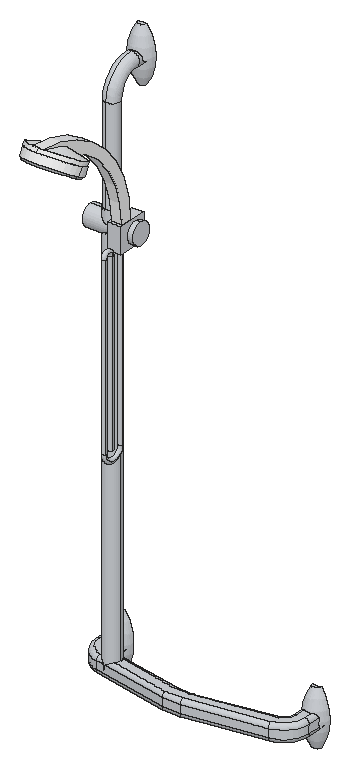
Revit family
Parameters
  Weight Limit = 176
  Warranty Duration (Years) = 0
  Unit Weight = 0
  Unit Length = 0' - 11 13/16"
  URL = "http://www.pontegiulio.com"
  Specification = "http://www.arcat.com/sd/clients/pontegiu.html?coid=43483"
  Send Message = "http://www.arcat.com/users.pl?action=UserEmail&company=Ponte%20Giulio&coid=43483&rep=132&fax=877-766-8306&mf="
  Sales Information = "http://www.pontegiulio.it/us/info.php"
  Revision = "R1_01-2010"
  Product Properties = ""
  Product Data = "http://www.arcat.com/arcatcos/cos43/arc43483.html"
  Model = "Grab Bar as Specified in 10 28 13"
  Manufacturer's Notes = ""
  Manufacturer Website = "http://www.pontegiulio.com"
  Manufacturer Phone - Toll Free = "877-766-8301 "
  Manufacturer Fax = "877-766-8306"
  Manufacturer Address = "W241 S4021 Rockwood Circle, Waukesha, WI 53189"
  Manufacturer = "Ponte Giulio"
  Maintenance Schedule (Months) = 0
  Keynote = "10 28 13"
  Installation-Fabrication = ""
  Installation Phase = ""
  Green Building-LEED = "http://www.arcat.com/green/clients/leed_data_43483.html"
  Expected Lifespan (Years) = 0
  Drawn By = "Robert S. Weygant, CSI, CDT, SCIP"
  Diameter = 0' - 1 1/4"
  Description = "Grab Bar as Specified in 10 28 13"
  Default Elevation = 2' - 0"
  Copyright = "2010 ARCAT, Inc"
  Construction Details = ""
  Clear Distance from Wall = 0' - 2 9/16"
  Building Codes = ""
  Bath Fixture Material [instance] = none
  Assembly Code = "C1030200"
  AK_Plexiglass Shelf = no
  AK_Include Optional Component - Y91JOSN108 Shower Head = yes
  AK_Include Optional Component - Y91JOSN107 Flex Hose = yes
  AK_Include Optional Component - G14JOSxx09 Glass Holder = yes
  AK_Include Optional Component - G14JOSxx08 Soap Holder = yes
  AK_Include Component - G14JOSxx01 Shower Arm = yes
  AK_Hand Shower Holder Finish = none
  AK_Flex Hose Finish = none
Reference planes (in)
  plane 1 "Center (Front/Back)": y = 0
  plane 2: z = 0
  plane 3 "Center (Left/Right)": x = 0
  plane 4 "Center Elevation": z = 24
  plane 5: x = 11.8125
  plane 6: x = 5.90625
  plane 7: y = -3.0625
  plane 8: y = -3.5625
  plane 9: z = 25
  plane 10: z = 21.625
  plane 11: z = 21.875
  plane 12: z = 21.9375
  plane 13: y = -2.5625
  plane 14: y = -2.32945
Forms (in)
  Revolve 1, solid, material <- "Bath Fixture Material"
    sketch origin (0, 0, 0) x (1, 0, 0) y (0, 0, -1)
      loop
        line (0, -25.625) -> (0.25, -25.625)
        arc (0.25, -25.625) -> (0.75, -24) -> (0.25, -22.375) r 2.89063
        line (0.25, -22.375) -> (0, -22.375) -> (0, -25.625)
      axis (0, -25.625) -> (0, -22.375)
    angle from 0 to 180
  Revolve 2, solid, material <- "Bath Fixture Material"
    sketch origin (48, 0, 0) x (1, 0, 0) y (0, 0, -1)
      loop
        line (-36.1875, -25.625) -> (-35.9375, -25.625)
        arc (-35.9375, -25.625) -> (-35.4375, -24) -> (-35.9375, -22.375) r 2.89063
        line (-35.9375, -22.375) -> (-36.1875, -22.375) -> (-36.1875, -25.625)
      axis (-36.1875, -25.625) -> (-36.1875, -22.375)
    angle from 0 to 180
  Sweep 3, solid, material <- "Bath Fixture Material"
    path in 3D
      loop
        line (0, 0, 24) -> (0, -1.2536, 24)
        arc (0, -1.2536, 24) -> (0.23396, -1.89639, 24) -> (0.82635, -2.23841, 24) r 1
        line (0.82635, -2.23841, 24) -> (5.40625, -3.0625, 24) -> (6.40625, -3.0625, 24) -> (10.98615, -2.23841, 24)
        arc (10.98615, -2.23841, 24) -> (11.57854, -1.89639, 24) -> (11.8125, -1.2536, 24) r 1
        line (11.8125, -1.2536, 24) -> (11.8125, 0, 24)
    profile origin (0, -0.6268, 24) x (1, 0, 0) y (0, 0, 1)
      loop
        arc (-0.25, 0.5) -> (-0.42678, 0.42678) -> (-0.5, 0.25) r 0.25
        line (-0.5, 0.25) -> (-0.5, -0.25)
        arc (-0.5, -0.25) -> (-0.42678, -0.42678) -> (-0.25, -0.5) r 0.25
        line (-0.25, -0.5) -> (0.25, -0.5)
        arc (0.25, -0.5) -> (0.42678, -0.42678) -> (0.5, -0.25) r 0.25
        line (0.5, -0.25) -> (0.5, 0.25)
        arc (0.5, 0.25) -> (0.42678, 0.42678) -> (0.25, 0.5) r 0.25
        line (0.25, 0.5) -> (-0.25, 0.5)
  Extrusion 4, solid, material "Plexiglass", visible <- "AK_Plexiglass Shelf"
    sketch origin (0, 0, 0) x (1, 0, 0) y (0, 1, 0)
      loop
        line (1.5, -3.5625) -> (10.3125, -3.5625) -> (10.95425, -0.4375) -> (0.85825, -0.4375) -> (1.5, -3.5625)
    from 21.875 to 21.9375
  Extrusion 5, solid, material <- "Bath Fixture Material", visible <- "AK_Plexiglass Shelf"
    sketch origin (0, 0, 0) x (1, 0, 0) y (0, 1, 0)
      loop
        line (1.83148, -3.0625) -> (2.57008, -3.19274) -> (2.78715, -1.96173) -> (2.04854, -1.83149) -> (1.83148, -3.0625)
      loop
        line (9.98102, -3.0625) -> (9.76396, -1.83149) -> (9.02535, -1.96173) -> (9.24242, -3.19274) -> (9.98102, -3.0625)
    from 21.625 to 25
  Revolve 6, solid, material <- "Bath Fixture Material", visible <- "AK_Include Component - G14JOSxx01 Shower Arm"
    sketch origin (37.51982, 0, 12.30251) x (1, 0, 0) y (0, 0, -1)
      loop
        line (-36.1875, -45.38499) -> (-35.9375, -45.38499)
        arc (-35.9375, -45.38499) -> (-35.4375, -43.75999) -> (-35.9375, -42.13499) r 2.89063
        line (-35.9375, -42.13499) -> (-36.1875, -42.13499) -> (-36.1875, -45.38499)
      axis (-36.1875, -45.38499) -> (-36.1875, -42.13499)
    angle from 0 to 180
  Extrusion 7, solid, material <- "Bath Fixture Material", visible <- "AK_Include Component - G14JOSxx01 Shower Arm"
    sketch origin (0, 0, 0) x (1, 0, 0) y (0, 1, 0)
      loop
        circle (1.33232, -2.32945) r 0.5
    from 24 to 48.8125
  Sweep 8, solid, material <- "Bath Fixture Material", visible <- "AK_Include Component - G14JOSxx01 Shower Arm"
    path origin (0, 0, 0) x (0, 1, 0) y (0, 0, 1)
      loop
        line (0, 56.0625) -> (-0.82945, 56.0625)
        arc (-0.82945, 56.0625) -> (-1.89011, 55.62316) -> (-2.32945, 54.5625) r 1.5
        line (-2.32945, 54.5625) -> (-2.32945, 48.8125)
    profile origin (0, -0.41473, 56.0625) x (0, 0, -1) y (1, 0, 0)
      loop
        circle (0, 1.33232) r 0.4375
Lines and regions (in)
  model lines
    curve 1: line (6.40625, -3.0625, 24) -> (5.40625, -3.0625, 24)
    curve 2: line (6.40625, -3.0625, 24) -> (10.98615, -2.23841, 24)
    curve 3: line (5.40625, -3.0625, 24) -> (0.82635, -2.23841, 24)
    curve 4: line (0, 0, 24) -> (0, -1.2536, 24)
    curve 5: line (11.8125, 0, 24) -> (11.8125, -1.2536, 24)
    curve 6: arc (0.82635, -2.23841, 24) -> (0.23396, -1.89639, 24) -> (0, -1.2536, 24) r 1
    curve 7: arc (10.98615, -2.23841, 24) -> (11.57854, -1.89639, 24) -> (11.8125, -1.2536, 24) r 1
  sketch lines
    curve 8: line (0, 0, 24) -> (0, -1.2536, 24)
    curve 9: arc (0.82635, -2.23841, 24) -> (0.23396, -1.89639, 24) -> (0, -1.2536, 24) r 1
    curve 10: line (5.40625, -3.0625, 24) -> (0.82635, -2.23841, 24)
    curve 11: line (6.40625, -3.0625, 24) -> (5.40625, -3.0625, 24)
    curve 12: line (6.40625, -3.0625, 24) -> (10.98615, -2.23841, 24)
    curve 13: arc (10.98615, -2.23841, 24) -> (11.57854, -1.89639, 24) -> (11.8125, -1.2536, 24) r 1
    curve 14: line (11.8125, 0, 24) -> (11.8125, -1.2536, 24)
Dimensions and locks (in)
  "Default Elevation": plane 4 "Center Elevation" to level
  "Unit Length": plane 3 "Center (Left/Right)" to plane 5
  equal spacing: plane 3 "Center (Left/Right)", plane 6, plane 5
  Extrusion 5 sketch curve to curve 6 = 0' - 1.13296"
  curve 7 to Extrusion 5 sketch curve = 0' - 1.13296"
  locked: plane 9 to plane 4 "Center Elevation" at 1
  locked: Revolve 2 to plane 10 at 4
  locked: plane 11 to plane 10 at 0.25
  locked: plane 13 to plane 8 at 1
  locked: plane 7 to plane 8 at 0.5
  "Clear Distance from Wall": plane 1 "Center (Front/Back)" to plane 13
  locked: plane 7 to plane 14 at 0.73305
  radius of Sweep 8 sketch curve = 0' - 1 1/2"
  aligned and locked: plane 5 to Revolve 2 sketch curve
  aligned and locked: plane 3 "Center (Left/Right)" to Revolve 1 sketch curve
  aligned and locked: plane 9 to Extrusion 5
  aligned and locked: Extrusion 5 to plane 10
  aligned and locked: plane 12 to Extrusion 4
  aligned and locked: Extrusion 4 to plane 11
  aligned and locked: Sweep 8 sketch curve to plane 14
  aligned and locked: Sweep 8 sketch curve to Revolve 6
  aligned and locked: nested 1 to plane 14
Automatic sketch dimensions
  Revolve 2 sketch curve to plane 4 "Center Elevation" = 0' - 0"
  Revolve 2 sketch curve to plane 5 = 0' - 0"
  Revolve 2 sketch curve to plane 5 = 0' - 2 9/64"
  plane 5 to Revolve 2 sketch curve = 0' - 0 1/4"  (x2)
  Revolve 2 sketch curve to plane 4 "Center Elevation" = 0' - 1 5/8"
  Revolve 2 sketch curve to Revolve 2 sketch curve = 0' - 2.74182"
  Revolve 2 sketch curve to Revolve 2 sketch curve = 0' - 2 7/8"
  Revolve 1 sketch curve to plane 4 "Center Elevation" = 0' - 0"
  Revolve 1 sketch curve to plane 3 "Center (Left/Right)" = 0' - 0"
  Revolve 1 sketch curve to plane 3 "Center (Left/Right)" = 0' - 2 9/64"
  Revolve 1 sketch curve to Revolve 1 sketch curve = 0' - 0 1/4"
  plane 3 "Center (Left/Right)" to Revolve 1 sketch curve = 0' - 0 1/4"
  Revolve 1 sketch curve to plane 4 "Center Elevation" = 0' - 1 5/8"
  Revolve 1 sketch curve to Revolve 1 sketch curve = 0' - 2.74182"
  Revolve 1 sketch curve to Revolve 1 sketch curve = 0' - 2 7/8"
  Sweep 3 sketch curve to profile plane = 0' - 0 1/4"  (x4)
  profile plane to Sweep 3 sketch curve = 0' - 0 1/2"
  profile plane to Sweep 3 sketch curve = 0' - 0 1/4"  (x3)
  curve 4 to plane 1 "Center (Front/Back)" = 0' - 0"
  curve 5 to plane 1 "Center (Front/Back)" = 0' - 0"
  curve 7 to plane 5 = 0' - 0"
  curve 6 to plane 3 "Center (Left/Right)" = 0' - 0"
  curve 1 to plane 7 = 0' - 0"
  plane 7 to curve 6 = 0' - 1.8089"
  plane 7 to curve 5 = 0' - 1.8089"
  plane 7 to curve 7 = 0' - 0.82409"
  plane 7 to curve 6 = 0' - 0.82409"
  plane 3 "Center (Left/Right)" to curve 6 = 0' - 0.82635"
  plane 6 to curve 1 = 0' - 0 1/2"
  curve 1 to plane 6 = 0' - 0 1/2"
  curve 7 to curve 7 = 0' - 1"
  Extrusion 4 sketch curve to plane 8 = 0' - 0"
  plane 3 "Center (Left/Right)" to Extrusion 4 sketch curve = 0' - 0.85825"
  plane 3 "Center (Left/Right)" to Extrusion 4 sketch curve = 0' - 1 1/2"
  Extrusion 4 sketch curve to plane 5 = 0' - 1 1/2"
  Extrusion 4 sketch curve to plane 5 = 0' - 0.85825"
  plane 1 "Center (Front/Back)" to Extrusion 4 sketch curve = 0' - 0 7/16"
  Extrusion 5 sketch curve to plane 7 = 0' - 0"  (x2)
  Extrusion 5 sketch curve to Extrusion 5 sketch curve = 0' - 0.21706"  (x2)
  Extrusion 5 sketch curve to plane 7 = 0' - 0.13024"  (x2)
  Extrusion 5 sketch curve to Extrusion 5 sketch curve = 0' - 0.73861"
  plane 7 to Extrusion 5 sketch curve = 0' - 1.23101"
  Revolve 6 sketch curve to plane 3 "Center (Left/Right)" = 0' - 0.8083"
  plane 3 "Center (Left/Right)" to Revolve 6 sketch curve = 0' - 1.33232"  (x2)
  Revolve 6 sketch curve to Revolve 6 sketch curve = 0' - 0 1/4"  (x2)
  plane 9 to Revolve 6 sketch curve = 2' - 11.42932"
  Revolve 6 sketch curve to Revolve 6 sketch curve = 0' - 2.74182"
  Revolve 6 sketch curve to Revolve 6 sketch curve = 0' - 1 5/8"
  Revolve 6 sketch curve to Revolve 6 sketch curve = 0' - 2 7/8"
  plane 13 to Extrusion 7 sketch curve = 0' - 0.23305"
  plane 3 "Center (Left/Right)" to Extrusion 7 sketch curve = 0' - 1.33232"
  plane 3 "Center (Left/Right)" to Sweep 8 sketch curve = 0' - 1.33232"
  Sweep 8 sketch curve to profile plane = 0' - 0"
  plane 9 to Sweep 8 sketch curve = 1' - 11 13/16"
  Sweep 8 sketch curve to Sweep 8 sketch curve = 0' - 5 3/4"
  radius of Extrusion 7 sketch curve = 0' - 0 1/2"
  radius of Sweep 8 sketch curve = 0' - 0 7/16"
Nested families (in)
  nested 1: "Y91JOS.N1.08" at (0, -2.32945, 47.09842), visible <- "AK_Include Component - G14JOSxx01 Shower Arm", type "Y91JOS.N1.08"
Definition of nested family "Y91JOS.N1.08"
  Parameters
    AK_Include Optional Component - Y91JOSN108 Shower Head = yes
    AK_Include Optional Component - Y91JOSN107 Flex Hose = yes
    AK_Hand Shower Holder Finish = none
    AK_Flex Hose Finish = none
  Reference planes (in)
    plane 1 "Center (Front/Back)": y = 0
    plane 2: z = 0
    plane 3 "Center (Left/Right)": x = 0
  Forms (in)
    Extrusion 1, solid, material <- "AK_Hand Shower Holder Finish"
      sketch origin (1.25, 2.20531, -59.32175) x (0, 1, 0) y (0, 0, 1)
        loop
          circle (-2.12384, 60.07175) r 0.625
      from -1.25 to 1.75
    Extrusion 2, solid, material <- "AK_Hand Shower Holder Finish"
      sketch origin (1.25103, 2.20531, 0) x (1, 0, 0) y (0, 1, 0)
        loop
          line (0.65625, -3.21875) -> (1.40625, -3.21875) -> (1.40625, -1.46875) -> (0.65625, -1.46875) -> (0.65625, -3.21875)
      from 0 to 1.5
    Extrusion 3, solid, material "Default", visible <- "AK_Include Optional Component - Y91JOSN108 Shower Head"
      sketch origin (-2.875, 49.72076, -25.30967) x (1, 0, 0) y (0, -0.866025, 0.5)
        loop
          circle (5.21142, 64.05902) r 1.5
      from 0 to 0.125
    Extrusion 4, solid, material "Chrome", visible <- "AK_Include Optional Component - Y91JOSN108 Shower Head"
      sketch origin (2, 3.95755, -59.32175) x (0, 1, 0) y (0, 0, 1)
        loop
          arc (-4.21875, 60.82175) -> (-6.11271, 65.47709) -> (-10.71875, 67.48799) r 6.66836
          line (-10.71875, 67.48799) -> (-7.95829, 65.89424) -> (-7.60198, 65.89424)
          arc (-7.60198, 65.89424) -> (-5.5779, 63.7087) -> (-4.84375, 60.82175) r 6.04336
          line (-4.84375, 60.82175) -> (-4.21875, 60.82175)
      from 0 to 0.625
    Extrusion 5, solid, material "Chrome", visible <- "AK_Include Optional Component - Y91JOSN108 Shower Head"
      sketch origin (-2.875, 49.97076, -24.87665) x (1, 0, 0) y (0, -0.866025, 0.5)
        loop
          circle (5.21142, 64.05902) r 1.59375
      from 0 to 0.5
    Revolve 6, solid, material "Chrome", visible <- "AK_Include Optional Component - Y91JOSN108 Shower Head"
      sketch origin (2.3125, 3.83255, -59.53826) x (0, 1, 0) y (0, 0, 1)
        loop
          line (-9.33852, 66.69111) -> (-7.95829, 65.89424) -> (-7.83329, 66.11075) -> (-8.81309, 67.10118) -> (-9.0296, 67.22618) -> (-9.33852, 66.69111)
        axis (-9.33852, 66.69111) -> (-9.0296, 67.22618)
      angle from 0 to 360
    Sweep 7, solid, material <- "AK_Flex Hose Finish", visible <- "AK_Include Optional Component - Y91JOSN107 Flex Hose"
      path origin (2.3125, 2.20531, -59.32175) x (0, 1, 0) y (0, 0, 1)
        loop
          line (-2.77902, 60.82175) -> (-2.77902, 48.82175)
          arc (-2.77902, 48.82175) -> (-3.40402, 48.19675) -> (-4.02902, 48.82175) r 0.625
          line (-4.02902, 48.82175) -> (-4.02902, 59.32175)
          arc (-4.02902, 59.32175) -> (-3.77902, 59.57175) -> (-3.52902, 59.32175) r 0.25
          line (-3.52902, 59.32175) -> (-3.52902, 48.82175)
      profile origin (2.3125, -0.5737, -4.5) x (1, 0, 0) y (0, 1, 0)
        loop
          circle (0, -0.00223) r 0.125
